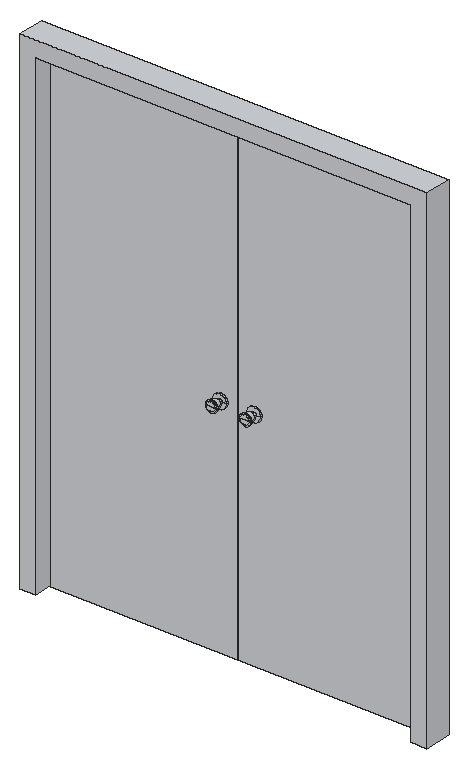
Revit family "雙開-矩形- (1)", category 門, Revit 2014
Parameters (values of type "180 x 220 cm")
  關鍵註記 = "雙開門-矩形"
  門扇_材料 = none
  門扇_寬度 (左) = (Width - 2 * 開門側框_寬度) / 2  # 850 mm
  門扇_寬度 (右) = (Width - 2 * 開門側框_寬度) / 2  # 850 mm
  門扇_厚度 = 40 mm
  解析營造 = "金屬"
  Rough Height = Height  # 2200 mm
  Rough Width = Width  # 1800 mm
  熱阻 (R) = 0.270117 (m²·K)/W
  框_深度 = 120 mm
  框_檔版_寬度 [instance] = 門扇_厚度 / 2  # 20 mm
  框_總寬度 [instance] = 開門側框_寬度 + 框_檔版_寬度  # 70 mm
  Height = 2200 mm
  牆封閉 = 依主體
  框_材料 = none
  開門側框_寬度 = 50 mm
  Solar Heat Gain Coefficient = 0
  握把五金 = none
  Width = 1800 mm
  操作 = "DoubleDoorSingleSwing"
  Assembly Code = ""
  Visual Light Transmittance = 0
  Function = (empty or 0)
  傳熱係數 (U) = 3.7021 W/(m²·K)
Types (2, lengths in mm): name | 門扇_寬度 (左) | 門扇_寬度 (右) | Rough Width | Width
  180 x 220 cm | 850 | 850 | 1800 | 1800
  160 x 220 cm | 750 | 750 | 1600 | 1600
Reference planes
  plane 1: y = 0
  plane 2 "中心 (左/右)": x = 0
  plane 3 "左": x = -900
  plane 4 "右": x = 900
  plane 5: z = 2200
  plane 6 "外部": y = 75
  plane 7 "內部": y = -75
  plane 8: z = 1100
  plane 9: x = 0
Forms (mm)
  Sweep 1, solid, material <- "框_材料"
    path origin (-5000, 0, 0) x (-1, 0, 0) y (0, 0, 1)
      loop
        line (-5900, 0) -> (-5900, 2200) -> (-4100, 2200) -> (-4100, 0)
    profile origin (900, 0, 1100) x (1, 0, 0) y (0, 1, 0)
      loop
        line (0, 60) -> (-50, 60) -> (-50, 20) -> (-70, 20) -> (-70, -60) -> (0, -60) -> (0, 60)
  Extrusion 2, solid, material <- "門扇_材料"
    sketch origin (446, 20, 0) x (0, 0, 1) y (1, 0, 0)
      loop
        line (0, -446) -> (0, -1296) -> (2150, -1296) -> (2150, -446) -> (0, -446)
    from 0 to 40
  Extrusion 3, solid, material <- "門扇_材料"
    sketch origin (-446, 20, 0) x (0, 0, 1) y (1, 0, 0)
      loop
        line (0, 446) -> (2150, 446) -> (2150, 1296) -> (0, 1296) -> (0, 446)
    from 0 to 40
Lines and regions (mm)
  Opening 1
    outline origin (-3050, -75, 0) x (1, 0, 0) y (0, 0, 1)
      loop
        line (2150, 0) -> (3950, 0) -> (3950, 2200) -> (2150, 2200) -> (2150, 0)
  symbolic lines, style "Doors"
    curve 1: line (-850, 60, 0) -> (-810, 60, 0)
    curve 2: line (-850, 910, 0) -> (-850, 60, 0)
    curve 3: line (-810, 910, 0) -> (-850, 910, 0)
    curve 4: line (-810, 60, 0) -> (-810, 910, 0)
    curve 15: line (850, 60, 0) -> (810, 60, 0)
    curve 16: line (850, 910, 0) -> (850, 60, 0)
    curve 17: line (810, 910, 0) -> (850, 910, 0)
    curve 18: line (810, 60, 0) -> (810, 910, 0)
  symbolic lines, style "DoorsFrameMullionProjection"
    curve 5: line (-850, 60, 0) -> (-900, 60, 0)
    curve 6: line (-850, -60, 0) -> (-850, 60, 0)
    curve 7: line (-900, -60, 0) -> (-850, -60, 0)
    curve 8: line (-900, 60, 0) -> (-900, -60, 0)
    curve 9: line (850, 60, 0) -> (900, 60, 0)
    curve 10: line (850, -60, 0) -> (850, 60, 0)
    curve 11: line (900, -60, 0) -> (850, -60, 0)
    curve 12: line (900, 60, 0) -> (900, -60, 0)
  symbolic lines, style "立面圖打開方向"
    curve 13: line (-900, -75, 1100) -> (0, -75, 0)
    curve 14: line (-900, 75, 1100) -> (0, 75, 2200)
    curve 19: line (900, -75, 1100) -> (0, -75, 0)
    curve 20: line (900, 75, 1100) -> (0, 75, 2200)
  symbolic lines, style "平面圖打開方向"
    curve 21: arc (0, 60, 1000) -> (-248.959, 661.041, 1000) -> (-850, 910, 1000) r 850
    curve 22: arc (0, 60, 1000) -> (248.959, 661.041, 1000) -> (850, 910, 1000) r 850
Text (mm)
  text "外部" at (-2295.016, 1099.543, 0), in view "參考樓層"
  text "外部" at (0, 1615.38, 3698.081), in view "左"
  text "外部" at (0, 1036.032, 3874.932), in view "右"
Dimensions and locks
  equal spacing: plane 3 "左", plane 2 "中心 (左/右)", plane 4 "右"
  "Width": plane 3 "左" to plane 4 "右"
  "Height": plane 5 to host wall
  host wall to plane 5 = 2200 mm  (x2)
  locked: plane 6 "外部" to host wall at 0
  locked: plane 7 "內部" to host wall
  equal spacing: Sweep 1 sketch curve, host wall, Sweep 1 sketch curve
  "框_深度": Sweep 1 sketch curve to Sweep 1 sketch curve
  "門扇_厚度": Sweep 1 sketch curve to Sweep 1 sketch curve
  "開門側框_寬度": Sweep 1 sketch curve to Sweep 1 sketch curve
  "框_檔版_寬度": Sweep 1 sketch curve to Sweep 1 sketch curve
  "Width": Sweep 1 sketch curve to Sweep 1 sketch curve
  "門扇_厚度": curve 2 to curve 4
  "門扇_寬度 (左)": curve 3 to curve 1
  "開門側框_寬度": curve 10 to Sweep 1
  "開門側框_寬度": curve 8 to curve 6
  equal spacing: Sweep 1, host wall, Sweep 1  (x2)
  "框_深度": Sweep 1 to Sweep 1  (x2)
  equal spacing: curve 5, plane 1, curve 7
  "框_深度": curve 5 to curve 7
  equal spacing: curve 11, plane 1, curve 9
  "框_深度": curve 11 to curve 9
  "門扇_厚度": curve 16 to curve 18
  "門扇_寬度 (右)": curve 17 to curve 15
  equal spacing: plane 5, plane 8, level
  equal spacing: plane 3 "左", plane 9, plane 4 "右"
  aligned and locked: plane 3 "左" to Opening 1 sketch curve
  aligned and locked: plane 5 to Opening 1 sketch curve  (x2)
  aligned and locked: Opening 1 sketch curve to plane 4 "右"
  aligned and locked: Opening 1 sketch curve to level
  aligned and locked: plane 1 to host wall
  aligned and locked: Sweep 1 to Extrusion 2 sketch curve
  aligned and locked: Extrusion 3 to curve 21
  aligned and locked: Extrusion 2 to Sweep 1  (x2)
  aligned and locked: Sweep 1 to Extrusion 2  (x2)
  aligned and locked: Extrusion 3 to Sweep 1  (x3)
  aligned and locked: Sweep 1 to Extrusion 3
  aligned and locked: nested 4 to Extrusion 3  (x2)
  aligned and locked: Extrusion 3 to nested 3
  aligned and locked: nested 1 to Extrusion 3
  aligned and locked: Extrusion 3 to nested 2
  aligned and locked: nested 1 to Extrusion 2
  aligned and locked: nested 3 to Extrusion 2
  aligned and locked: nested 2 to Extrusion 3
  aligned and locked: Extrusion 3 to Extrusion 2
  aligned and locked: plane 9 to Extrusion 3
  aligned and locked: plane 5 to curve 14
  aligned and locked: plane 9 to curve 14
  aligned and locked: plane 8 to curve 14
  aligned and locked: plane 3 "左" to curve 14
  aligned and locked: curve 13 to curve 14
  aligned and locked: plane 9 to curve 13
  aligned and locked: plane 4 "右" to curve 19
  aligned and locked: curve 19 to plane 8
  aligned and locked: curve 22 to curve 16
  aligned and locked: curve 21 to curve 2
  aligned and locked: plane 9 to curve 22
  aligned and locked: plane 9 to curve 21
Automatic sketch dimensions
  Sweep 1 sketch curve to plane 4 "右" = 0 mm
  Sweep 1 sketch curve to level = 0 mm  (x2)
  Sweep 1 sketch curve to plane 5 = 0 mm
  Sweep 1 sketch curve to profile plane = 0 mm
  curve 11 to plane 4 "右" = 0 mm
  Extrusion 2 sketch curve to level = 0 mm
  plane 2 "中心 (左/右)" to Extrusion 2 sketch curve = 0 mm
  Extrusion 2 sketch curve to plane 3 "左" = 50 mm
  Extrusion 3 sketch curve to level = 0 mm
  plane 5 to Extrusion 3 sketch curve = 50 mm
  plane 2 "中心 (左/右)" to Extrusion 3 sketch curve = 0 mm
  plane 4 "右" to Extrusion 3 sketch curve = 50 mm
  curve 13 to plane 3 "左" = 0 mm
  curve 13 to level = 0 mm
  curve 20 to plane 4 "右" = 0 mm
  curve 20 to plane 8 = 0 mm
  curve 8 to plane 3 "左" = 0 mm
Nested families
  nested 1: "喇叭鎖" at (0, 60, 0) x (-1, 0, 0) z (0, 0, 1), type "喇叭鎖"
  nested 2: "喇叭鎖" at (0, 20, 0), type "喇叭鎖"
  nested 3: "喇叭鎖" at (0, 20, 0) x (-1, 0, 0) z (0, 0, 1), type "喇叭鎖"
  nested 4: "喇叭鎖" at (0, 60, 0), type "喇叭鎖"
  nested 5: "喇叭鎖" at (-225, 60, 1000), type "喇叭鎖", not visible
  nested 6: "喇叭鎖" at (-225, 20, 1000), type "喇叭鎖", not visible
Definition of nested family "喇叭鎖"
  Parameters (values of type "喇叭鎖")
    Assembly Code = ""
    握把高度 = 1000 mm
    握把與版面側邊距離 = 75 mm
    握把五金 = none
  Reference planes
    plane 1 "中心 (前/後)": y = 0
    plane 2: z = 0
    plane 3 "中心 (左/右)": x = 0
    plane 4: x = 75
  Forms (mm)
    Revolve 1, solid, material <- "握把五金"
      sketch origin (511.236, -60, 1000) x (1, 0, 0) y (0, 1, 0)
        loop
          line (-436.236, 60) -> (-406.236, 60) -> (-406.236, 66) -> (-426.236, 66) -> (-426.236, 85) -> (-417.636, 85) -> (-411.236, 109.7) -> (-411.236, 113.2) -> (-415.736, 115) -> (-436.236, 115) -> (-436.236, 60)
        axis (-436.236, 60) -> (-436.236, 115)
      angle from 0 to 360
  Dimensions and locks
    "握把與版面側邊距離": plane 3 "中心 (左/右)" to plane 4
    "握把高度": Revolve 1 to level
  Automatic sketch dimensions
    plane 3 "中心 (左/右)" to Revolve 1 sketch curve = 75 mm  (x2)
    Revolve 1 sketch curve to plane 1 "中心 (前/後)" = 0 mm
    plane 3 "中心 (左/右)" to Revolve 1 sketch curve = 85 mm
    Revolve 1 sketch curve to Revolve 1 sketch curve = 8.6 mm
    plane 3 "中心 (左/右)" to Revolve 1 sketch curve = 95.5 mm
    Revolve 1 sketch curve to Revolve 1 sketch curve = 4.5 mm
    Revolve 1 sketch curve to Revolve 1 sketch curve = 20 mm
    plane 1 "中心 (前/後)" to Revolve 1 sketch curve = 60 mm
    Revolve 1 sketch curve to Revolve 1 sketch curve = 6 mm
    Revolve 1 sketch curve to Revolve 1 sketch curve = 19 mm
    Revolve 1 sketch curve to Revolve 1 sketch curve = 24.7 mm
    Revolve 1 sketch curve to Revolve 1 sketch curve = 3.5 mm
    Revolve 1 sketch curve to Revolve 1 sketch curve = 1.8 mm
    Revolve 1 sketch curve to Revolve 1 sketch curve = 200 mm
